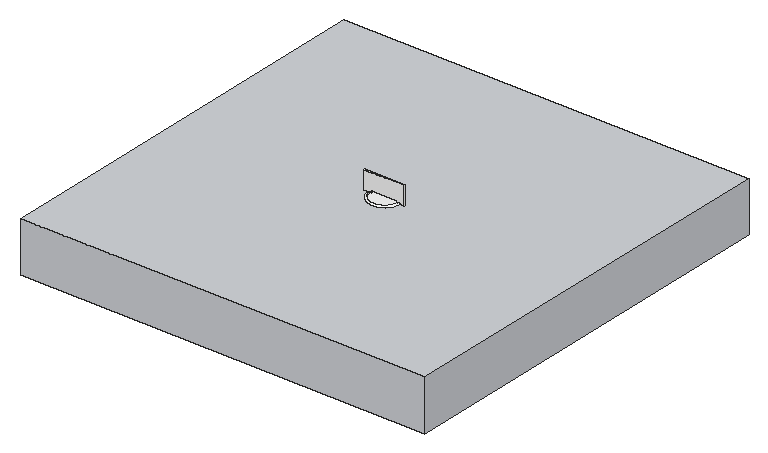
Revit family "LEGRAND_ECLAIRAGE_DE_SECURITE_KICKSPOT", category Luminaires, Revit 2020
Family settings
  Hôte = Face
  Cote de connecteur circulaire = Utiliser le diamètre
  Type d'élément = Normal
  Couper avec des vides une fois chargée = Non
  Source d'éclairage = Oui
  Partagée = Non
  Point de calcul de pièce = Non
Parameters (values of type "BAES EVAC KICKSPOT ECO2 ADR")
  built-in parameter 1150107 = 3200 (stored number, unit not read)
  TYPE_DE_TENSION = "CA"
  TYPE_DE_MONTAGE = "encastré"
  TYPE_DE_COMMUTATION = "mode veille"
  TENSION_NOMINALE_(MIN) = "207"
  TENSION_NOMINALE_(MAX) = "253"
  SUPPORT_PLAFOND = yes
  SOURCE_LUMINEUSE = "LED non interchangeable"
  RESERVE_DE_MARCHE = "1"
  REF_BATTERIE_DE_RECHANGE = "061088"
  REFERENCE_ARTICLE = "062624"
  Wattage = 9.2903 W
  built-in parameter 1150110 = 1 (stored number, unit not read)
  built-in parameter 1150109 = 1 (stored number, unit not read)
  built-in parameter 1114218 = 1 (stored number, unit not read)
  built-in parameter 1150113 = 1 (stored number, unit not read)
  built-in parameter 1150112 = 1 (stored number, unit not read)
  PUISSANCE_DE_LA_LAMPE = "0.5"
  PROFONDEUR_D'ENCASTREMENT = "61.5"
  PORTE_PICTO = yes
  built-in parameter 1150137 = (empty or 0)
  built-in parameter 1150132 = (empty or 0)
  MATERIAU_DU_COUVERCLE = "plastique transparent"
  MATERIAU_DU_BOITIER = "plastique"
  LONGUEUR_D'ENCASTREMENT = "152"
  LONGUEUR = "240"
  LARGEUR_DE_MONTAGE = "152"
  LARGEUR = "187"
  built-in parameter 1150105 = 109.82 (stored number, unit not read)
  built-in parameter 1150102 = (empty or 0)
  INSTALLATION_DE_SURVEILLANCE = "auto-test automatique"
  HAUTEUR/PROFONDEUR = "202"
  Dimming Lamp Color Temperature Shift = (empty or 0)
  Lumens = 1380 lm
  Color Filter = 16777215
  Fichier de distribution photométrique = "generic"
  built-in parameter 1114217 = 1 (stored number, unit not read)
  built-in parameter 1150139 = (empty or 0)
  FORMAT_PRODUIT = "rond"
  FONCTION = "Evac"
  FLUX_LUMINEUX_EN_MODE_D'URGENCE = "45"
  FLUX_LUMINEUX_EFFICACE = ""
  Emit from Line Length = 609.6 mm
  Default Elevation = 1219.2 mm
  built-in parameter 1150104 = 13.8 (stored number, unit not read)
  built-in parameter 1150106 = 1.0982 (stored number, unit not read)
  ETAT_DES_ACCUS = "NiMh"
  built-in parameter 1150115 = 1 (stored number, unit not read)
  built-in parameter 1150114 = 1 (stored number, unit not read)
  DUREE_DE_GARANTIE_BAES_COMPLET = "2"
  DISTANCE_DE_RECONNAISSANCE = "15"
  DIAMETRE_EXTERNE = "187"
  DIAMETRE_D'ENCASTREMENT = "152"
  DESIGNATION_ARTICLE = "BAES EVAC KICKSPOT ECO2 ADR"
  built-in parameter 1150138 = (empty or 0)
  built-in parameter 1150134 = 3
  Condition Générale d'Utilisation = "https://export.legrand.com/CGU-objets-BIM"
  COULEUR_DU_BOITIER = "blanc"
  CLASSE_DE_PROTECTION_(IP) = "IP40"
  CLASSE_DE_PROTECTION = "II"
  CATEGORIE_PRODUIT = "Autonome"
  built-in parameter 1150142 = (empty or 0)
  Angle de l'inclinaison = 60.00°
  ALIMENTATION = "décentralisé (batterie individuelle)"
  ADAPTE_AU_TYPE_DE_MARQUAGE = "feuillet/plaque inséré(e)"
  built-in parameter 1150133 = 10 (stored number, unit not read)
Types (14, lengths in mm): name | TYPE_DE_TENSION | TYPE_DE_COMMUTATION | TENSION_NOMINALE_(MIN) | TENSION_NOMINALE_(MAX) | RESERVE_DE_MARCHE | REF_BATTERIE_DE_RECHANGE | REFERENCE_ARTICLE | PUISSANCE_DE_LA_LAMPE | PORTE_PICTO | LONGUEUR_D'ENCASTREMENT | LONGUEUR | LARGEUR_DE_MONTAGE | HAUTEUR/PROFONDEUR | FONCTION | FLUX_LUMINEUX_EN_MODE_D'URGENCE | ETAT_DES_ACCUS | DIAMETRE_D'ENCASTREMENT | DESIGNATION_ARTICLE | CATEGORIE_PRODUIT | ALIMENTATION | ADAPTE_AU_TYPE_DE_MARQUAGE
  BAES+BAEH  KICKSPOT ECO1 AUTOD | "CA" | "mode veille" | "207" | "253" | "1" | "061087" | "062514" | "1" | yes | "152" | "240" | "152" | "202" | "BAEH" | "45" | "NiCd" | "152" | "BAES+BAEH  KICKSPOT ECO1 AUTOD" | "Autonome" | "décentralisé (batterie individuelle)" | "feuillet/plaque inséré(e)"
  BAES EVAC KICKSPOT ECO1 AUTOD | "CA" | "mode veille" | "207" | "253" | "1" | "061087" | "062524" | "0.5" | yes | "152" | "240" | "152" | "202" | "Evac" | "45" | "NiCd" | "152" | "BAES EVAC KICKSPOT ECO1 AUTOD" | "Autonome" | "décentralisé (batterie individuelle)" | "feuillet/plaque inséré(e)"
  DBR KICKSPOT ECO1 AUTOD | "CA" | "mode veille" | "207" | "253" | "1" | "061087" | "062554" | "1" | yes | "151" | "240" | "151" | "202" | "DBR" | "45" | "NiCd" | "151" | "DBR KICKSPOT ECO1 AUTOD" | "Autonome" | "décentralisé (batterie individuelle)" | "feuillet/plaque inséré(e)"
  BAES AMB KICKSPOT ECO1 AUTOD | "CA" | "mode veille" | "207" | "253" | "1" | "061088" | "062564" | "4" | no | "152" | "187" | "152" | "76" | "Amb" | "320" | "NiMh" | "152" | "BAES AMB KICKSPOT ECO1 AUTOD" | "Autonome" | "décentralisé (batterie individuelle)" | ""
  BAEH KICKSPOT ECO1 AUTOD | "CA" | "mode veille" | "207" | "253" | "5" | "061087" | "062574" | "0.09" | no | "152" | "187" | "152" | "76" | "BAES+BAEH" | "8" | "NiCd" | "152" | "BAEH KICKSPOT ECO1 AUTOD" | "Autonome" | "décentralisé (batterie individuelle)" | "feuillet/plaque inséré(e)"
  BAES+BAEH KICKSPOT ECO2 ADR | "CA" | "mode veille" | "207" | "253" | "1" | "2*061088" | "062614" | "1" | yes | "152" | "240" | "152" | "202" | "BAEH" | "45" | "NiMh" | "152" | "BAES+BAEH KICKSPOT ECO2 ADR" | "Autonome" | "décentralisé (batterie individuelle)" | "feuillet/plaque inséré(e)"
  BAES EVAC KICKSPOT ECO2 ADR | "CA" | "mode veille" | "207" | "253" | "1" | "061088" | "062624" | "0.5" | yes | "152" | "240" | "152" | "202" | "Evac" | "45" | "NiMh" | "152" | "BAES EVAC KICKSPOT ECO2 ADR" | "Autonome" | "décentralisé (batterie individuelle)" | "feuillet/plaque inséré(e)"
  DBR KICKSPOT ECO2 ADR | "CA" | "mode veille" | "207" | "253" | "1" | "061089" | "062654" | "1" | yes | "152" | "240" | "152" | "202" | "DBR" | "45" | "NiMh" | "152" | "DBR KICKSPOT ECO2 ADR" | "Autonome" | "décentralisé (batterie individuelle)" | "feuillet/plaque inséré(e)"
  BAES AMB KICKSPOT ECO2 ADR | "CA" | "mode veille" | "207" | "253" | "1" | "061088" | "062664" | "4" | no | "152" | "187" | "152" | "76" | "Amb" | "320" | "NiMh" | "152" | "BAES AMB KICKSPOT ECO2 ADR" | "Autonome" | "décentralisé (batterie individuelle)" | ""
  BAEH KICKSPOT ECO2 ADR | "CA" | "mode veille" | "207" | "253" | "5" | "061089" | "062674" | "0.35" | no | "152" | "187" | "152" | "76" | "BAES+BAEH" | "8" | "NiMh" | "152" | "BAEH KICKSPOT ECO2 ADR" | "Autonome" | "décentralisé (batterie individuelle)" | "feuillet/plaque inséré(e)"
  LSC  KICKSPOT EVAC 24/48V | "CC" | "circuit permanent/circuit de secours" | "24" | "48" | "" | "" | "062824" | "1" | yes | "152" | "240" | "152" | "202" | "Evac" | "45" | "non applicable" | "152" | "LSC  KICKSPOT EVAC 24/48V" | "LSC" | "central (batterie centrale)" | "feuillet/plaque inséré(e)"
  LSC AMB KICKSPOT 24/48V | "CC" | "circuit permanent/circuit de secours" | "24" | "48" | "" | "" | "062864" | "4" | no | "152" | "187" | "152" | "76" | "Amb" | "320" | "non applicable" | "152" | "LSC AMB KICKSPOT 24/48V" | "LSC" | "central (batterie centrale)" | ""
  LSC EVAC KICKSPOT 110/220V | "CC" | "circuit permanent/circuit de secours" | "110" | "220" | "" | "" | "062924" | "1" | yes | "152" | "240" | "152" | "202" | "Evac" | "45" | "non applicable" | "152" | "LSC EVAC KICKSPOT 110/220V" | "LSC" | "central (batterie centrale)" | "feuillet/plaque inséré(e)"
  LSC AMB  KICKSPOT 110/220V | "CC" | "circuit permanent/circuit de secours" | "110" | "220" | "" | "" | "062964" | "4" | no | "152" | "187" | "152" | "76" | "Amb" | "320" | "non applicable" | "152" | "LSC AMB  KICKSPOT 110/220V" | "LSC" | "central (batterie centrale)" | ""
Reference planes
  plane 1 "Centre (avant/arrière)": y = 0
  plane 2: z = 0
  plane 3 "Centre (gauche/droite)": x = 0
Forms (mm)
  Extrusion 1, solid
    sketch origin (0, 0, 0) x (1, 0, 0) y (0, 1, 0)
      loop
        line (-1219.2, 1219.2) -> (-1219.2, -1219.2) -> (1219.2, -1219.2) -> (1219.2, 1219.2) -> (-1219.2, 1219.2)
    from 0 to -304.8
  Extrusion 2, solid, material "Blanc", visible <- "SUPPORT_PLAFOND"
    sketch origin (0, 0, 0) x (1, 0, 0) y (0, 1, 0)
      loop
        circle (0, 0) r 83.5
    from 5 to -71
Dimensions and locks
  aligned and locked: plane 2 to Extrusion 1
  aligned and locked: level to Extrusion 1
  aligned and locked: plane 3 "Centre (gauche/droite)" to Extrusion 2 sketch curve
  aligned and locked: plane 1 "Centre (avant/arrière)" to Extrusion 2 sketch curve
  aligned and locked: plane 3 "Centre (gauche/droite)" to nested 3
  aligned and locked: plane 1 "Centre (avant/arrière)" to nested 3
Nested families
  nested 1: "LEGRAND_PICTOGRAMME" at (0, 0, 5), visible <- "PORTE_PICTO", type "LEGRAND_PICTOGRAMME"
  nested 2: "LEGRAND_ENJOLIVEUR" at (0, 0, 5), visible <- "SUPPORT_PLAFOND", type "LEGRAND_ENJOLIVEUR"
  nested 3: "168180_Porte Pictogramme" at (0, 0, 0), type "168180_Porte Pictogramme"
Connectors
  electrical at (0, 0, 5)
    settings: on Extrusion 2, index 1, voltage 0 V, apparent load 0 VA, apparent load phase1 0 VA, apparent load phase2 0 VA, apparent load phase3 0 VA, power factor 1, load classification "Autre", number of poles 1, system type 31, power factor state 1, is connector primary yes, connector utility no, sub classification motor no, connector description ""
Definition of nested family "LEGRAND_PICTOGRAMME"
  Parameters (values of type "URA_PICTOGRAMME")
    Largeur_Pictogramme = 188 mm
    Hauteur_Pictogramme = 107 mm
    Default Elevation = 1219.2 mm
  Reference planes
    plane 1 "Centre (avant/arrière)": y = 0
    plane 2: z = 0
    plane 3 "Centre (gauche/droite)": x = 0
    plane 4: x = 120
    plane 5: x = -120
    plane 6: z = 10
    plane 7: z = 111
    plane 8: x = 74
    plane 9: x = -74
  Forms (mm)
    Extrusion 1, solid
      sketch origin (0, 0, 0) x (1, 0, 0) y (0, 1, 0)
        loop
          line (-1219.2, 1219.2) -> (-1219.2, -1219.2) -> (1219.2, -1219.2) -> (1219.2, 1219.2) -> (-1219.2, 1219.2)
      from 0 to -304.8
    Extrusion 2, solid
      sketch origin (0, 0, 0) x (1, 0, 0) y (0, 0, 1)
        loop
          line (120, 111) -> (-120, 111) -> (-120, 0) -> (-74, 0) -> (-74, 10) -> (74, 10) -> (74, 0) -> (120, 0) -> (120, 111)
      from -1 to 1
  Dimensions and locks
    equal spacing: plane 5, plane 3 "Centre (gauche/droite)", plane 4
    aligned and locked: plane 2 to Extrusion 1
    aligned and locked: level to Extrusion 1
    aligned and locked: Extrusion 2 to plane 4
    aligned and locked: plane 5 to Extrusion 2
  Automatic sketch dimensions
    Extrusion 1 sketch curve to Extrusion 1 sketch curve = 2438.4 mm  (x2)
    plane 5 to Extrusion 2 sketch curve = 0 mm
    Extrusion 2 sketch curve to plane 6 = 0 mm
    plane 9 to Extrusion 2 sketch curve = 0 mm
    plane 8 to Extrusion 2 sketch curve = 0 mm
    plane 4 to Extrusion 2 sketch curve = 0 mm
    Extrusion 2 sketch curve to level = 0 mm  (x2)
    Extrusion 2 sketch curve to plane 7 = 0 mm
Definition of nested family "LEGRAND_ENJOLIVEUR"
  Parameters (values of type "URA_ENJOLIVEUR")
    Rayon_Enjoliveur = 93.5 mm
    Default Elevation = 1219.2 mm
  Reference planes
    plane 1 "Centre (avant/arrière)": y = 0
    plane 2: z = 0
    plane 3 "Centre (gauche/droite)": x = 0
    plane 4: x = -83.5
    plane 5: x = -93.5
    plane 6: z = 5
  Forms (mm)
    Extrusion 1, solid
      sketch origin (0, 0, 0) x (1, 0, 0) y (0, 1, 0)
        loop
          line (-1219.2, 1219.2) -> (-1219.2, -1219.2) -> (1219.2, -1219.2) -> (1219.2, 1219.2) -> (-1219.2, 1219.2)
      from 0 to -304.8
    Sweep 2, solid
      path origin (0, 0, 0) x (1, 0, 0) y (0, 1, 0)
        loop
          circle (0, 0) r 83.5
      profile origin (0, 83.5, 0) x (0, -1, 0) y (0, 0, 1)
        loop
          line (0, 0) -> (0, 5)
          arc (0, 5) -> (-5.542, 3.584) -> (-10, 0) r 13.5
          line (-10, 0) -> (0, 0)
  Dimensions and locks
    aligned and locked: plane 2 to Extrusion 1
    aligned and locked: level to Extrusion 1
Definition of nested family "168180_Porte Pictogramme"
  Reference planes
    plane 1 "Centre (avant/arrière)": y = 0
    plane 2: z = 0
    plane 3 "Centre (gauche/droite)": x = 0
  Lines and regions (mm)
    Filled region 1, type "NOIR", in view "Niveau de réf."
      outline origin (0, 0, 0) x (1, 0, 0) y (0, 1, 0)
        loop
          line (103, 52.5) -> (-103, 52.5) -> (-103, -52.5) -> (103, -52.5) -> (103, 52.5)
        loop
          line (98, 47.5) -> (-98, 47.5) -> (-98, -47.5) -> (98, -47.5) -> (98, 47.5)
    model lines, in view "Niveau de réf."
      curve 1: line (103, -52.5, 0) -> (103, 52.5, 0)
      curve 2: line (103, 52.5, 0) -> (-103, 52.5, 0)
      curve 3: line (-103, 52.5, 0) -> (-103, -52.5, 0)
      curve 4: line (-103, -52.5, 0) -> (103, -52.5, 0)
    detail lines, in view "Niveau de réf."
      curve 5: line (98, 47.5, 0) -> (-98, 47.5, 0)
      curve 6: line (-98, 47.5, 0) -> (-98, -47.5, 0)
      curve 7: line (-98, -47.5, 0) -> (98, -47.5, 0)
      curve 8: line (98, -47.5, 0) -> (98, 47.5, 0)
